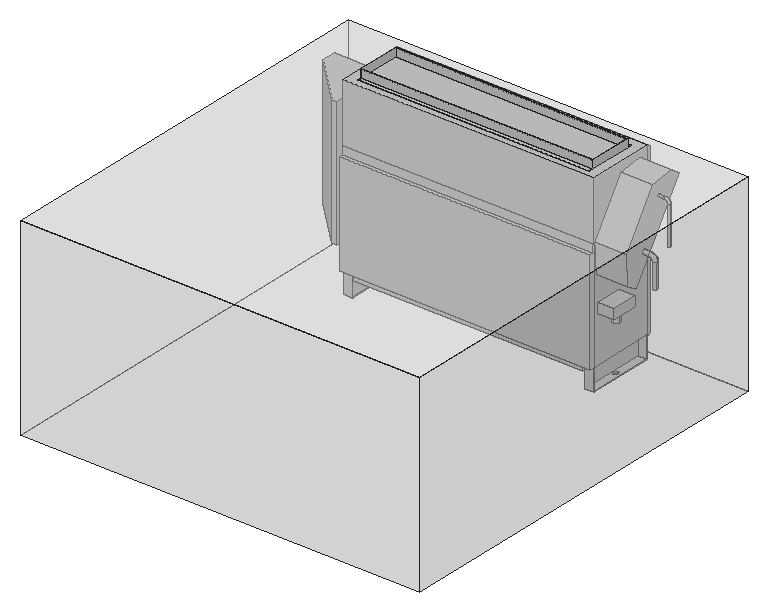
Revit family "outputfile", category 機械設備, Revit 2024
Family settings
  丸型コネクタ寸法 = 半径を使用
  パーツ タイプ = 標準
  OmniClass 番号 = 23.75.10.24.21.27.27
  OmniClass タイトル = Split System Air Conditioning Units
  作業面ベース = いいえ
  常に垂直 = はい
  ロード時にボイドで切り取り = いいえ
  注釈の向きを維持 = いいえ
  共有 = いいえ
  部屋計算ポイント = いいえ
Parameters (values of type "FXNQ32MAVE8")
  Description = ""
  製造元 = "Daikin"
  書き出し IFC クラス(タイプ) = "IfcUnitaryEquipmentType"
  定義済み IFC タイプ(タイプ) = "AIRCONDITIONINGUNIT"
  Cost = 0
  モデル = "FXNQ32MAVE8"
  Type Comments = ""
  Keynote = ""
  Type Image = (empty or 0)
  Assembly Code = ""
  w_hangerfixture = 0.0 mm
  w_dischargeflange = 704.0 mm
  w_body = 760.0 mm
  r_Liquid Pipe Size = Liquid Pipe Size / 2  # 3.2 mm
  r_Gas Pipe Size = Gas Pipe Size / 2  # 6.35 mm
  w_mounting foot = 830.0 mm
  r_Drain Pipe Size = Drain Pipe Size / 2  # 10.5 mm
  h_mountinghole = [h***] + 1.6 mm  # 1.6 mm
  lh_liquidpipe = 391.0 mm  # constant formula
  lh_gaspipe = 301.0 mm  # constant formula
  lh_drainpipe = 181.0 mm  # constant formula
  lh_antena = 583.4 mm  # constant formula
  ld_liquidpipe = 84.0 mm  # constant formula
  ld_gaspipe = 139.0 mm  # constant formula
  ld_drainpipe = 152.0 mm  # constant formula
  h*** = 0.0 mm  # constant formula
  w_front suction = 601.0 mm
  d_pipe_2 = 27.3 mm  # constant formula
  d_pipe_1 = 47.6 mm  # constant formula
  d_pipe = 71.2 mm  # constant formula
  d_body = 206.0 mm  # constant formula
  Width = 1070.4 mm
  Voltage_comment_50Hz = "220-240"
  Voltage_50Hz = 220 V
  Version = "ver.1.0"
  Unit Type = "Concealed Floor Standing Type"
  Unit Mass Weight = 23.00 kg
  Unit Designation [instance] = ""
  Uniclass2015Version = "Products v1.30"
  Uniclass2015Title = "Variable refrigerant flow units"
  Uniclass2015Code = "Pr_70_65_03_94"
  URL = ""
  Total Heating Capacity [instance] = 0.000 kW
  Total Cooling Capacity [instance] = 0.000 kW
  Sound Pressure Level_M speed (dBA) = 0
  Sound Pressure Level_L speed (dBA) = 33
  Sound Pressure Level_H speed (dBA) = 36
  Sound Power Level_H speed (dB) = 0
  Series = "VRV Fan Coil Unit"
  Sensible Cooling Capacity [instance] = 0.000 kW
  SA Duct Size Width = w_dischargeflange - 2.0 mm  # 702.0 mm
  SA Duct Size Height = 130.0 mm  # constant formula
  Refrigerant Type = "R410A"
  Power Input (Heating) = 0.090 kW
  Power Input (Cooling) = 0.090 kW
  Phase_50Hz = 1
  Option Accessory 3 [instance] = ""
  Option Accessory 2 [instance] = ""
  Option Accessory 1 [instance] = ""
  Nominal Heating Capacity = 4.000 kW
  Nominal Cooling Capacity = 3.600 kW
  Minimum External Static Pressure = 0.00 Pa
  Minimum Circuit Amps_50Hz = 0.6 A
  Minimum Airflow = 360.00 m³/h
  Median Airflow = 0.00 m³/h
  Maximum Fuse Amps_50Hz = 15.0 A
  Maximum External Static Pressure = 0.00 Pa
  Maximum Airflow = 480.00 m³/h
  Material_Casing = DAIKIN_GalvanizedSteel_Casing_indoorunit
  Load Classification = HVAC
  Liquid Pipe Size = 6.4 mm
  Link_Nested Family [instance] = ""
  IfcVersion = "0"
  IfcExportType = "AIRCONDITIONINGUNIT"
  IfcExportAs = "IfcUnitaryEquipmentType"
  Height = 609.0 mm
  Heating Entering Wet Bulb Temperature [instance] = 0.00 °C
  Heating Entering Dry Bulb Temperature [instance] = 0.00 °C
  Heating Ambient Wet Bulb Temperature [instance] = 0.00 °C
  Heating Ambient Dry Bulb Temperature [instance] = 0.00 °C
  Heat Exchanger Type = "Cross Fin Coil"
  Gas Pipe Size = 12.7 mm
  Frequency_50Hz = 50 Hz
  Fan Type = "Sirocco Fan"
  Fan Drive = "Direct Drive"
  FCU Tag No. [instance] = ""
  Drain Pipe Size = 21.0 mm
  Design Supply Airflow [instance] = 0.00 m³/h
  Design External Static Pressure [instance] = 0.00 Pa
  Depth = 225.0 mm
  既定の高さ = 0.0 mm
  Cooling Entering Wet Bulb Temperature [instance] = 0.00 °C
  Cooling Entering Dry Bulb Temperature [instance] = 0.00 °C
  Cooling Ambient Wet Bulb Temperature [instance] = 0.00 °C
  Cooling Ambient Dry Bulb Temperature [instance] = 0.00 °C
  Clearance visibility [instance] = yes
  Clearance Top = 0.0 mm
  Clearance Right = 150.0 mm
  Clearance Rear = 20.0 mm
  Clearance Left = 0.0 mm
  Clearance Front = 1000.0 mm
  Clearance Bottom = 0.0 mm
Reference planes
  plane 1: y = 0
  plane 2: z = 0
  plane 3 "Center (Left/Right)": x = 0
  plane 4 "Center (Front/Back)": y = -103
  plane 5: y = -206
  plane 6: x = -380
  plane 7: x = 380
  plane 8: z = 584
  plane 9: z = 68
  plane 10 "Top": z = 609
  plane 11: z = 584
  plane 12: z = 0
  plane 13: x = -550
  plane 14: x = 664
  plane 15: y = -1218
  plane 16: y = 27
  plane 17 "Bottom": z = 0
  plane 18: x = -347
  plane 19: x = 349
  plane 20: x = -399
  plane 21 "Left": x = -550
  plane 22: z = 129
  plane 23: z = 518
  plane 24: z = 564.5
  plane 25: y = -32
  plane 26: x = 478.8
  plane 27 "ld_drainpipe": y = -152
  plane 28: z = 181
  plane 29: z = 301
  plane 30: z = 391
  plane 31: x = 407
  plane 32: x = 365
  plane 33: x = -365
  plane 34 "ld_liquidpipe": y = -84
  plane 35 "ld_gaspipe": y = -139
  plane 36: x = 514
  plane 37: z = 518.4
  plane 38: z = 388.6
  plane 39: x = 366.7
  plane 40: x = -366.7
  plane 41: x = -474.5
  plane 42: y = -42
  plane 43: y = -25.8
  plane 44 "Back": y = 7
  plane 45: y = -207
  plane 46 "Front": y = -218
  plane 47 "Right": x = 520.4
Forms (mm)
  Extrusion 1, solid, material "DAIKIN_GalvanizedSteel_Casing_indoorunit" <- "Material_Casing"
    sketch origin (0, 0, 0) x (1, 0, 0) y (0, 1, 0)
      loop
        line (-380, 0) -> (-380, -206) -> (380, -206) -> (380, 0) -> (-380, 0)
    from 68 to 584
  Extrusion 2, solid, material "DAIKIN_GalvanizedSteel_Casing_indoorunit" <- "Material_Casing"
    sketch origin (380, -206, 0) x (-1, 0, 0) y (0, 0, -1)
      loop
        line (760, -404) -> (760, -380) -> (0, -380) -> (0, -404) -> (760, -404)
    from 0 to 1
  Extrusion 3, solid, material "DAIKIN_GalvanizedSteel_Casing_indoorunit" <- "Material_Casing"
    sketch origin (380, -206, 0) x (-1, 0, 0) y (0, 0, -1)
      loop
        line (760, -380) -> (760, -68) -> (0, -68) -> (0, -380) -> (760, -380)
    from 0 to 12
  Extrusion 4, solid, material "DAIKIN_GalvanizedSteel_Casing_indoorunit" <- "Material_Casing"
    sketch origin (0, 0, 68) x (0, 1, 0) y (1, 0, 0)
      loop
        line (0, -347) -> (0, 349) -> (-206, 349) -> (-206, -347) -> (0, -347)
    from 0 to 19.6
  Extrusion 5, solid, material "DAIKIN_GalvanizedSteel_Casing_indoorunit" <- "Material_Casing"
    sketch origin (-380, -206, 0) x (0, 1, 0) y (0, 0, -1)
      loop
        circle (103, -448.5) r 12.5
      loop
        circle (103, -243.5) r 12.5
    from 0 to 19
  Extrusion 6, solid, material "DAIKIN_GalvanizedSteel_Casing_indoorunit" <- "Material_Casing"
    sketch origin (0, 0, 68) x (-1, 0, 0) y (0, -1, 0)
      loop
        line (550, 25.8) -> (550, 71.25) -> (415.25, 206) -> (399, 206) -> (399, 25.8) -> (550, 25.8)
    from 61 to 450
  Extrusion 7, solid, material "DAIKIN_GalvanizedSteel_Casing_indoorunit" <- "Material_Casing"
    sketch origin (380, 0, 0) x (0, -1, 0) y (0, 0, -1)
      loop
        line (5.208, -545.14) -> (32, -564.5) -> (104, -554.5) -> (202.913, -407.529) -> (197.289, -319.3) -> (168.604, -299.952) -> (5.208, -545.14)
    from 0 to 98.8
  Extrusion 8, solid, material "DAIKIN_GalvanizedSteel_Casing_indoorunit" <- "Material_Casing"
    sketch origin (380, 0, 0) x (0, -1, 0) y (0, 0, -1)
      loop
        line (192.5, -240) -> (192.5, -210) -> (111.5, -210) -> (111.5, -240) -> (192.5, -240)
    from 0 to 50
  Extrusion 9, solid, material "DAIKIN_GalvanizedSteel_Casing_indoorunit" <- "Material_Casing"
    sketch origin (380, -111.5, 210) x (-1, 0, 0) y (0, 1, 0)
      loop
        circle (-27, -40.5) r 10.5
    from 0 to 29
  Sweep 10, solid, material "DAIKIN_GalvanizedSteel_Casing_indoorunit" <- "Material_Casing"
    path origin (0, -84, 0) x (0, 0, 1) y (1, 0, 0)
      loop
        line (518.4, 478.8) -> (518.4, 501)
        arc (518.4, 501) -> (514.592, 510.192) -> (505.4, 514) r 13
        line (505.4, 514) -> (391, 514)
    profile origin (489.9, -84, 518.4) x (0, 0, -1) y (0, 1, 0)
      loop
        circle (0, 0) r 3.2
  Sweep 11, solid, material "DAIKIN_GalvanizedSteel_Casing_indoorunit" <- "Material_Casing"
    path origin (0, -139, 0) x (0, 0, 1) y (1, 0, 0)
      loop
        line (388.6, 478.8) -> (388.6, 501)
        arc (388.6, 501) -> (384.792, 510.192) -> (375.6, 514) r 13
        line (375.6, 514) -> (301, 514)
    profile origin (489.9, -139, 388.6) x (0, 0, -1) y (0, 1, 0)
      loop
        circle (0, 0) r 6.35
  Extrusion 12, void
    sketch origin (4267.2, 7, -304.8) x (0, 0, 1) y (1, 0, 0)
      loop
        line (552.8, -4638.2) -> (552.8, -4626.2) -> (522.8, -4626.2) -> (522.8, -4638.2) -> (552.8, -4638.2)
      loop
        line (552.8, -3908.2) -> (552.8, -3896.2) -> (522.8, -3896.2) -> (522.8, -3908.2) -> (552.8, -3908.2)
    from 0 to -5
  Extrusion 13, void
    sketch origin (4267.2, 7, -304.8) x (0, 0, 1) y (1, 0, 0)
      loop
        line (744.8, -4638.2) -> (744.8, -4626.2) -> (714.8, -4626.2) -> (714.8, -4638.2) -> (744.8, -4638.2)
      loop
        line (744.8, -3908.2) -> (744.8, -3896.2) -> (714.8, -3896.2) -> (714.8, -3908.2) -> (744.8, -3908.2)
    from 0 to -5
  Extrusion 14, solid, material "DAIKIN_GalvanizedSteel_Casing_indoorunit" <- "Material_Casing"
    sketch origin (0, 0, 0) x (0, 1, 0) y (0, 0, 1)
      loop
        line (0, 584) -> (0, 62.5) -> (7, 70.007) -> (7, 576.493) -> (0, 584)
    from -380 to 380
Cuts and joins
  Extrusion 12, Extrusion 13 cuts Extrusion 1
  Extrusion 12 cuts Extrusion 3
  Extrusion 12, Extrusion 13 cuts Extrusion 14
Dimensions and locks
  "d_body": plane 1 to plane 5
  equal spacing: plane 5, plane 4 "Center (Front/Back)", plane 1
  "w_body": plane 6 to plane 7
  equal spacing: plane 6, plane 3 "Center (Left/Right)", plane 7
  "Clearance Top": plane 11 to plane 8
  locked: plane 10 "Top" to plane 8 at 25
  "h***": plane 17 "Bottom" to plane 2
  "Height": plane 10 "Top" to plane 17 "Bottom"
  locked: plane 8 to plane 9 at 516
  "Clearance Bottom": plane 17 "Bottom" to plane 12
  locked: Extrusion 2 sketch curve to Extrusion 2 sketch curve at 24
  locked: Extrusion 2 sketch curve to plane 9 at 312
  locked: plane 6 to plane 18 at 33
  locked: plane 19 to plane 7 at 31
  plane 18 to plane 19 = 696.0 mm
  locked: Extrusion 5 sketch curve to plane 9 at 175.5
  locked: Extrusion 5 sketch curve to Extrusion 5 sketch curve at 205
  locked: plane 6 to plane 20 at 19
  plane 23 to plane 22 to plane 17 "Bottom" = 389.0 mm locked, 129.0 mm locked
  locked: plane 21 "Left" to plane 6 at 170
  locked: plane 10 "Top" to plane 24 at 44.5
  locked: plane 5 to plane 25 at 174
  locked: plane 7 to plane 26 at 98.8
  locked: Extrusion 8 sketch curve to Extrusion 8 sketch curve at 30
  locked: Extrusion 8 sketch curve to Extrusion 8 sketch curve at 81
  locked: Extrusion 8 sketch curve to plane 17 "Bottom" at 240
  locked: plane 27 "ld_drainpipe" to Extrusion 8 sketch curve at 40.5
  "lh_drainpipe": plane 28 to plane 17 "Bottom"
  "lh_gaspipe": plane 29 to plane 17 "Bottom"
  "lh_liquidpipe": plane 30 to plane 17 "Bottom"
  locked: plane 33 to plane 6 at 15
  locked: plane 7 to plane 32 at 15
  locked: plane 31 to plane 32 at 42
  locked: plane 36 to plane 7 at 134
  locked: plane 10 "Top" to plane 37 at 90.6
  locked: plane 10 "Top" to plane 38 at 220.4
  locked: plane 6 to plane 40 at 13.3
  locked: plane 39 to plane 7 at 13.3
  equal spacing: plane 32, plane 3 "Center (Left/Right)", plane 33
  plane 32 to plane 33 = 730.0 mm
  locked: Extrusion 12 sketch curve to Extrusion 12 sketch curve at 30  (x2)
  locked: Extrusion 12 sketch curve to Extrusion 12 sketch curve at 12  (x2)
  locked: Extrusion 12 sketch curve to plane 33 at 6
  locked: Extrusion 12 sketch curve to plane 17 "Bottom" at 218  (x2)
  locked: plane 32 to Extrusion 12 sketch curve at 6
  locked: Extrusion 13 sketch curve to Extrusion 13 sketch curve at 12  (x2)
  locked: Extrusion 13 sketch curve to Extrusion 13 sketch curve at 30  (x2)
  locked: Extrusion 13 sketch curve to plane 33 at 6
  locked: plane 32 to Extrusion 13 sketch curve at 6
  locked: Extrusion 13 sketch curve to plane 17 "Bottom" at 410  (x2)
  locked: plane 21 "Left" to plane 41 at 75.5
  locked: plane 42 to plane 1 at 42
  locked: plane 43 to plane 5 at 180.2
  locked: Extrusion 6 sketch curve to plane 20 at 16.25
  locked: plane 43 to Extrusion 6 sketch curve at 45.45
  locked: plane 1 to plane 44 "Back" at 7
  "ld_liquidpipe": plane 34 "ld_liquidpipe" to plane 1
  "ld_gaspipe": plane 35 "ld_gaspipe" to plane 1
  "ld_drainpipe": plane 27 "ld_drainpipe" to plane 1
  locked: plane 5 to plane 45 at 1
  plane 5 to plane 46 "Front" = 12.0 mm
  locked: plane 9 to Extrusion 14 sketch curve at 5.5
  "Width": plane 21 "Left" to plane 47 "Right"
  "Depth": plane 46 "Front" to plane 44 "Back"
  "Clearance Left": plane 21 "Left" to plane 13
  "Clearance Right": plane 36 to plane 14
  "Clearance Rear": plane 44 "Back" to plane 16
  "Clearance Front": plane 46 "Front" to plane 15
  "Drain Pipe Size": diameter of Extrusion 9 sketch curve
  "Gas Pipe Size": diameter of Sweep 11 sketch curve
  locked: Extrusion 6 sketch curve to Extrusion 6 sketch curve (angle 45.00°)
  locked: Extrusion 14 sketch curve to cut or joined group of Extrusion 1, Extrusion 12, Extrusion 13 (angle 43.00°)
  locked: cut or joined group of Extrusion 1, Extrusion 12, Extrusion 13 to Extrusion 14 sketch curve (angle 43.00°)
  aligned and locked: level to plane 2
  aligned and locked: plane 1 to Extrusion 1 sketch curve
  aligned and locked: plane 6 to Extrusion 1 sketch curve
  aligned and locked: plane 5 to Extrusion 1 sketch curve
  aligned and locked: Extrusion 1 sketch curve to plane 7
  aligned and locked: plane 8 to Extrusion 1
  aligned and locked: Extrusion 1 to plane 9
  aligned and locked: nested 1 to plane 4 "Center (Front/Back)"
  aligned and locked: plane 4 "Center (Front/Back)" to nested 2
  aligned and locked: plane 8 to nested 3
  aligned and locked: nested 3 to plane 10 "Top"
  aligned and locked: plane 3 "Center (Left/Right)" to nested 3
  aligned and locked: nested 4 to plane 16
  aligned and locked: nested 4 to plane 15
  aligned and locked: plane 11 to nested 4
  aligned and locked: plane 12 to nested 4
  aligned and locked: plane 13 to nested 4
  aligned and locked: plane 14 to nested 4
  aligned and locked: nested 5 to plane 4 "Center (Front/Back)"
  aligned and locked: nested 6 to plane 4 "Center (Front/Back)"
  aligned and locked: nested 2 to plane 6
  aligned and locked: nested 1 to plane 7
  aligned and locked: plane 6 to Extrusion 2 sketch curve
  aligned and locked: Extrusion 2 sketch curve to plane 7
  aligned and locked: plane 6 to Extrusion 3 sketch curve
  aligned and locked: Extrusion 3 sketch curve to plane 7
  aligned and locked: Extrusion 3 sketch curve to Extrusion 2
  aligned and locked: plane 9 to Extrusion 3 sketch curve
  aligned and locked: plane 1 to Extrusion 4 sketch curve
  aligned and locked: plane 5 to Extrusion 4 sketch curve
  aligned and locked: plane 18 to Extrusion 4 sketch curve
  aligned and locked: Extrusion 4 sketch curve to plane 19
  aligned and locked: plane 4 "Center (Front/Back)" to Extrusion 5 sketch curve  (x2)
  aligned and locked: Extrusion 5 to plane 20
  aligned and locked: plane 21 "Left" to Extrusion 6 sketch curve
  aligned and locked: Extrusion 6 sketch curve to plane 20
  aligned and locked: plane 23 to Extrusion 6
  aligned and locked: Extrusion 6 to plane 22
  aligned and locked: plane 26 to Extrusion 7
  aligned and locked: plane 25 to Extrusion 7 sketch curve
  aligned and locked: plane 24 to Extrusion 7 sketch curve
  aligned and locked: plane 31 to Extrusion 9 sketch curve
  aligned and locked: plane 27 "ld_drainpipe" to Extrusion 9 sketch curve
  aligned and locked: Extrusion 9 to plane 28
  aligned and locked: plane 36 to Sweep 10 sketch curve
  aligned and locked: Sweep 10 sketch curve to plane 37
  aligned and locked: plane 30 to Sweep 10 sketch curve
  aligned and locked: plane 26 to Sweep 10 sketch curve
  aligned and locked: plane 29 to Sweep 11 sketch curve
  aligned and locked: plane 26 to Sweep 11 sketch curve
  aligned and locked: Sweep 11 sketch curve to plane 38
  aligned and locked: plane 36 to Sweep 11 sketch curve
  aligned and locked: nested 5 to plane 39
  aligned and locked: plane 40 to nested 6
  aligned and locked: nested 7 to plane 28
  aligned and locked: plane 9 to nested 1
  aligned and locked: nested 2 to plane 9
  aligned and locked: plane 31 to nested 7
  aligned and locked: nested 8 to plane 29
  aligned and locked: nested 8 to plane 36
  aligned and locked: nested 9 to plane 30
  aligned and locked: nested 9 to plane 36
  aligned and locked: nested 10 to plane 22
  aligned and locked: nested 10 to plane 41
  aligned and locked: plane 4 "Center (Front/Back)" to nested 10
  aligned and locked: nested 3 to plane 42
  aligned and locked: Extrusion 6 sketch curve to plane 43
  aligned and locked: Extrusion 6 sketch curve to plane 5
  aligned and locked: plane 11 to Extrusion 14 sketch curve
  aligned and locked: Extrusion 14 to plane 6
  aligned and locked: plane 7 to Extrusion 14
  aligned and locked: nested 9 to plane 34 "ld_liquidpipe"
  aligned and locked: nested 8 to plane 35 "ld_gaspipe"
  aligned and locked: nested 7 to plane 27 "ld_drainpipe"
  aligned and locked: Extrusion 2 to plane 45
  aligned and locked: cut or joined group of Extrusion 3, Extrusion 12 to plane 46 "Front"
  aligned and locked: Extrusion 14 sketch curve to plane 44 "Back"
Automatic sketch dimensions
  Extrusion 1 sketch curve to plane 5 = 0.0 mm
  Extrusion 1 to Extrusion 7 sketch curve = 5.208 mm
  Extrusion 1 to Extrusion 7 sketch curve = 29.5 mm
  Extrusion 7 sketch curve to Extrusion 7 sketch curve = 72.0 mm
  Extrusion 1 to Extrusion 7 sketch curve = 37.396 mm
  Extrusion 1 to Extrusion 7 sketch curve = 8.711 mm
  Extrusion 1 to Extrusion 7 sketch curve = 3.087 mm
  Extrusion 7 sketch curve to Extrusion 7 sketch curve = 19.36 mm
  Extrusion 1 to Extrusion 7 sketch curve = 176.471 mm
  Extrusion 7 sketch curve to Extrusion 7 sketch curve = 88.229 mm
  Extrusion 7 sketch curve to Extrusion 7 sketch curve = 19.348 mm
  Sweep 10 sketch curve to profile plane = 0.0 mm  (x2)
  Sweep 10 sketch curve to plane 23 = 12.6 mm
  Sweep 11 sketch curve to plane 38 = 13.0 mm
  Extrusion 14 sketch curve to plane 1 = 0.0 mm
  Sweep 11 sketch curve to plane 35 "ld_gaspipe" = 0.0 mm
  Sweep 11 sketch curve to profile plane = 0.0 mm
  radius of Extrusion 5 sketch curve = 12.5 mm  (x2)
  radius of Sweep 10 sketch curve = 3.2 mm
Nested families
  nested 1: "daikin_hangerfixture_FXNQ-MAVE8" at (380, -103, 68) x (0, -1, 0) z (0, 0, 1), type "daikin_hangerfixture_FXNQ-MAVE8"
  nested 2: "daikin_hangerfixture_FXNQ-MAVE8" at (-380, -103, 68) x (0, -1, 0) z (0, 0, 1), type "daikin_hangerfixture_FXNQ-MAVE8"
  nested 3: "daikin_ductflange_FXNQ-MAVE8" at (0, -186.5, 584) x (1, 0, 0) z (0, 1, 0), width <- "w_dischargeflange", material <- "Material_Casing", type "daikin_ductflange_FXNQ-MAVE8"
    with width 704.0 mm, material DAIKIN_GalvanizedSteel_Casing_indoorunit, height 157.0 mm, depth 25.0 mm
  nested 4: "daikin_clearancespace" at (57, -595.5, 292.119), visible <- "Clearance visibility", show <- "Clearance visibility", Link_Nested Family <- "Link_Nested Family", type "daikin_clearancespace"
    with width 1214.0 mm, show yes, height 584.0 mm, depth 1245.0 mm, Link_Nested Family ""
  nested 5: "daikin_mountinghole" at (366.7, -103, 0), Link_Nested Family <- "Link_Nested Family", h_mountinghole <- "h_mountinghole", l_antenna <- "lh_antena", type "daikin_mountinghole"
    with show yes, l_antenna 583.4 mm, h_mountinghole 1.6 mm, Link_Nested Family ""
  nested 6: "daikin_mountinghole" at (-366.7, -103, 0), Link_Nested Family <- "Link_Nested Family", h_mountinghole <- "h_mountinghole", l_antenna <- "lh_antena", type "daikin_mountinghole"
    with show yes, l_antenna 583.4 mm, h_mountinghole 1.6 mm, Link_Nested Family ""
  nested 7: "daikin_connector_rotate2" at (407, -152, 210) x (1, 0, 0) z (0, -1, 0), radius <- "r_Drain Pipe Size", type "daikin_connector_rotate2"
    with radius 10.5 mm, length 29.0 mm, angle_vertical 90.00°, show_face no
  nested 8: "daikin_connector_rotate2" at (514, -139, 381) x (1, 0, 0) z (0, -1, 0), radius <- "r_Gas Pipe Size", type "daikin_connector_rotate2"
    with radius 6.35 mm, length 80.0 mm, angle_vertical 90.00°, show_face no
  nested 9: "daikin_connector_rotate2" at (514, -84, 491) x (1, 0, 0) z (0, -1, 0), radius <- "r_Liquid Pipe Size", type "daikin_connector_rotate2"
    with radius 3.2 mm, length 100.0 mm, angle_vertical 90.00°, show_face no
  nested 10: "daikin_connector_rotate2" at (-474.5, -103, 229) x (1, 0, 0) z (0, -1, 0), type "daikin_connector_rotate2"
    with radius 10.0 mm, length 100.0 mm, angle_vertical 90.00°, show_face no
Connectors
  hvac at (0, -108, 609), driven by "SA Duct Size Height", driven by "SA Duct Size Width"
    settings: on nested 3, index 1, duct flow 0.00 m³/h, flow factor 0, pres drop 0.00 Pa, loss coef 0, conn angle 0.00°, conn width 702.0 mm, conn height 130.0 mm, conn diameter 609.6 mm, duct sys type 1, conn prof type 1, flow config 0, flow direction 2, loss method 4, conn ref index -1, conn util no, is conn primary yes, conn desc "SA Duct"
  electrical at (-474.5, -103, 129), driven by "Load Classification"
    settings: on nested 10, index 5, voltage 0 V, apparent load 0 VA, apparent load phase1 0 VA, apparent load phase2 0 VA, apparent load phase3 0 VA, power factor 1, load classification "HVAC", number of poles 1, system type 30, power factor state 1, is connector primary yes, connector utility no, sub classification motor no, connector description "Power Supply"
  piping at (514, -84, 391), diameter 6.4, driven by "r_Liquid Pipe Size"
    settings: on Sweep 10, index 6, connector inside diameter 609.6 mm, connector length 0.0 mm, flow factor 0, pipe flow 0.00 m³/h, pressure drop 0.0 Pa, fitting loss kfactor 0, connector angle 0.00°, fixture units 0, engagement length 0.0 mm, angle of deflection 0.00°, flow configuration 1, flow direction 1, fitting loss method 0, system type 29, joint type 0, gender type 0, connector reference index -1, connector utility 0, adjustable connector no, is connector primary yes, connector description "Refrigerant Liquid Piping"
  piping at (514, -139, 301), diameter 12.7, driven by "r_Gas Pipe Size"
    settings: on Sweep 11, index 7, connector inside diameter 609.6 mm, connector length 0.0 mm, flow factor 0, pipe flow 0.00 m³/h, pressure drop 0.0 Pa, fitting loss kfactor 0, connector angle 0.00°, fixture units 0, engagement length 0.0 mm, angle of deflection 0.00°, flow configuration 1, flow direction 2, fitting loss method 0, system type 29, joint type 0, gender type 0, connector reference index -1, connector utility 0, adjustable connector no, is connector primary no, connector description "Refrigerant Gas Piping"
  piping at (407, -152, 181), diameter 21, driven by "r_Drain Pipe Size"
    settings: on Extrusion 9, index 8, connector inside diameter 609.6 mm, connector length 0.0 mm, flow factor 0, pipe flow 0.00 m³/h, pressure drop 0.0 Pa, fitting loss kfactor 0, connector angle 0.00°, fixture units 0, engagement length 0.0 mm, angle of deflection 0.00°, flow configuration 1, flow direction 2, fitting loss method 4, system type 16, joint type 0, gender type 0, connector reference index -1, connector utility 0, adjustable connector no, is connector primary no, connector description "Condensate Drain Piping"
Definition of nested family "daikin_hangerfixture_FXNQ-MAVE8"
  Parameters (values of type "daikin_hangerfixture_FXNQ-A2VEB")
    width = 202.0 mm
    material = none
    height = 68.0 mm
    depth = 28.2 mm
    Default Elevation = 0.0 mm
  Reference planes
    plane 1 "Center (Front/Back)": y = 0
    plane 2: z = 0
    plane 3 "Center (Left/Right)": x = 0
    plane 4: y = -28.2
    plane 5: x = -101
    plane 6: x = 101
    plane 7: z = -68
    plane 8: x = 99.4
    plane 9: x = -99.4
  Forms (mm)
    Extrusion 1, solid, material <- "material"
      sketch origin (0, 0, 0) x (0, 1, 0) y (0, 0, 1)
        loop
          line (-26.6, 0) -> (-28.2, 0) -> (-28.2, -66.4)
          arc (-28.2, -66.4) -> (-27.731, -67.531) -> (-26.6, -68) r 1.6
          line (-26.6, -68) -> (0, -68) -> (0, -66.4) -> (-26.6, -66.4) -> (-26.6, 0)
      from -101 to 101
    Extrusion 2, solid, material <- "material"
      sketch origin (0, 0, 0) x (0, 1, 0) y (0, 0, 1)
        loop
          line (-26.6, -66.4) -> (0, -66.4) -> (0, 0) -> (-26.6, 0) -> (-26.6, -66.4)
      from 99.4 to 101
    Extrusion 3, solid, material <- "material"
      sketch origin (-265, -1.4, 0) x (0, 1, 0) y (0, 0, 1)
        loop
          line (-25.2, -66.4) -> (1.4, -66.4) -> (1.4, 0) -> (-25.2, 0) -> (-25.2, -66.4)
      from 164 to 165.6
    Extrusion 4, void
      sketch origin (0, 0, -66.4) x (1, 0, 0) y (0, -1, 0)
        loop
          circle (0, 13.3) r 7.5
      from -24.55 to 101.68
  Cuts and joins
    Extrusion 4 cuts Extrusion 1
    Extrusion 4 cuts Extrusion 2
    Extrusion 4 cuts Extrusion 3
    joined: Extrusion 1, Extrusion 2, Extrusion 3
  Dimensions and locks
    "width": plane 5 to plane 6
    "depth": plane 4 to plane 1 "Center (Front/Back)"
    equal spacing: plane 5, plane 3 "Center (Left/Right)", plane 6
    "height": level to plane 7
    locked: plane 8 to plane 6 at 1.6
    locked: plane 5 to plane 9 at 1.6
    plane 4 to Extrusion 1 sketch curve = 1.6 mm
    locked: Extrusion 4 sketch curve to plane 1 "Center (Front/Back)" at 13.3
    diameter of Extrusion 4 sketch curve = 15.0 mm
    aligned and locked: level to plane 2
    aligned and locked: Extrusion 1 to plane 5
    aligned and locked: plane 6 to Extrusion 1
    aligned and locked: Extrusion 1 to plane 1 "Center (Front/Back)"
    aligned and locked: plane 6 to Extrusion 2
    aligned and locked: Extrusion 2 to plane 8
    aligned and locked: Extrusion 3 to plane 5
    aligned and locked: plane 9 to Extrusion 3
    aligned and locked: plane 1 "Center (Front/Back)" to Extrusion 3 sketch curve
    aligned and locked: plane 1 "Center (Front/Back)" to Extrusion 2 sketch curve
    aligned and locked: Extrusion 1 sketch curve to plane 4
    aligned and locked: Extrusion 3 sketch curve to Extrusion 1
    aligned and locked: Extrusion 3 sketch curve to plane 2
    aligned and locked: Extrusion 2 sketch curve to Extrusion 1
    aligned and locked: plane 2 to Extrusion 2 sketch curve
    aligned and locked: plane 3 "Center (Left/Right)" to Extrusion 4 sketch curve
  Automatic sketch dimensions
    Extrusion 1 sketch curve to level = 0.0 mm
    Extrusion 1 sketch curve to plane 7 = 0.0 mm
    Extrusion 1 sketch curve to plane 1 "Center (Front/Back)" = 0.0 mm
    Extrusion 1 sketch curve to Extrusion 1 sketch curve = 0.0 mm  (x2)
    plane 7 to Extrusion 3 sketch curve = 1.6 mm
    plane 7 to Extrusion 2 sketch curve = 1.6 mm
Definition of nested family "daikin_ductflange_FXNQ-MAVE8"
  Parameters (values of type "daikin_ductflange_FXNQ-MAVE8")
    width [instance] = 662.0 mm
    material [instance] = none
    height [instance] = 157.0 mm
    depth [instance] = 25.0 mm
    Default Elevation = 0.0 mm
  Reference planes
    plane 1 "Center (Front/Back)": y = 0
    plane 2: z = 0
    plane 3 "Center (Left/Right)": x = 0
    plane 4: y = -25
    plane 5: x = -331
    plane 6: x = 331
    plane 7 "Top": z = 157
    plane 8: y = -1
    plane 9: z = 143.5
    plane 10: z = 13.5
    plane 11 "Center (Elevation)": z = 78.5
    plane 12: x = -330
    plane 13: x = 330
  Forms (mm)
    Extrusion 1, solid, material <- "material"
      sketch origin (0, 0, 0) x (1, 0, 0) y (0, 0, 1)
        loop
          line (-331, 157) -> (-331, 0) -> (331, 0) -> (331, 157) -> (-331, 157)
        loop
          line (-330, 143.5) -> (-330, 13.5) -> (330, 13.5) -> (330, 143.5) -> (-330, 143.5)
      from 0 to 1
    Extrusion 2, solid, material <- "material"
      sketch origin (0, 0, 0) x (1, 0, 0) y (0, 1, 0)
        loop
          line (-331, -1) -> (-331, -25) -> (-330, -25) -> (-330, -1) -> (-331, -1)
        loop
          line (330, -1) -> (330, -25) -> (331, -25) -> (331, -1) -> (330, -1)
      from 13.5 to 143.5
    Extrusion 3, solid, material <- "material"
      sketch origin (0, 0, 0) x (0, 1, 0) y (0, 0, 1)
        loop
          line (-1, 143.5) -> (-1, 144.5) -> (-25, 144.5) -> (-25, 143.5) -> (-1, 143.5)
        loop
          line (-1, 13.5) -> (-25, 13.5) -> (-25, 12.5) -> (-1, 12.5) -> (-1, 13.5)
      from -331 to 331
  Cuts and joins
    joined: Extrusion 1, Extrusion 2, Extrusion 3
  Dimensions and locks
    "height": plane 7 "Top" to plane 2
    "width": plane 5 to plane 6
    equal spacing: plane 5, plane 3 "Center (Left/Right)", plane 6
    "depth": plane 1 "Center (Front/Back)" to plane 4
    locked: plane 8 to plane 1 "Center (Front/Back)" at 1
    equal spacing: plane 7 "Top", plane 11 "Center (Elevation)", plane 2
    locked: Extrusion 3 sketch curve to Extrusion 2 at 1  (x2)
    locked: plane 12 to plane 5 at 1
    locked: plane 6 to plane 13 at 1
    plane 9 to plane 11 "Center (Elevation)" to plane 10 = 65.0 mm locked, 65.0 mm locked
    aligned and locked: level to plane 2
    aligned and locked: Extrusion 1 sketch curve to plane 7 "Top"
    aligned and locked: plane 5 to Extrusion 1 sketch curve
    aligned and locked: Extrusion 1 sketch curve to plane 6
    aligned and locked: plane 2 to Extrusion 1 sketch curve
    aligned and locked: Extrusion 1 to plane 8
    aligned and locked: plane 9 to Extrusion 2
    aligned and locked: Extrusion 2 to plane 10
    aligned and locked: plane 8 to Extrusion 3 sketch curve
    aligned and locked: Extrusion 3 sketch curve to plane 9
    aligned and locked: Extrusion 3 sketch curve to plane 8
    aligned and locked: Extrusion 3 sketch curve to plane 10
    aligned and locked: Extrusion 3 to plane 5
    aligned and locked: plane 6 to Extrusion 3
    aligned and locked: plane 4 to Extrusion 3 sketch curve
    aligned and locked: Extrusion 3 sketch curve to plane 4
    aligned and locked: plane 5 to Extrusion 2 sketch curve
    aligned and locked: Extrusion 2 sketch curve to plane 12
    aligned and locked: Extrusion 2 sketch curve to plane 6
    aligned and locked: plane 13 to Extrusion 2 sketch curve
    aligned and locked: Extrusion 2 sketch curve to plane 8
    aligned and locked: plane 4 to Extrusion 2 sketch curve
    aligned and locked: plane 12 to Extrusion 1 sketch curve
    aligned and locked: Extrusion 1 sketch curve to plane 13
    aligned and locked: Extrusion 1 sketch curve to plane 9
    aligned and locked: plane 10 to Extrusion 1 sketch curve
  Automatic sketch dimensions
    Extrusion 2 sketch curve to plane 4 = 0.0 mm
    Extrusion 2 sketch curve to plane 8 = 0.0 mm
Definition of nested family "daikin_clearancespace"
  Parameters (values of type "daikin_clearancespace")
    width [instance] = 1823.963 mm
    show [instance] = yes
    material = none
    height [instance] = 1359.762 mm
    depth [instance] = 880.0 mm
    Default Elevation = 0.0 mm
    Link_Nested Family [instance] = ""
  Reference planes
    plane 1 "Center (Front/Back)": y = 0
    plane 2 "Center (Elevation)": z = -0.119
    plane 3 "Center (Left/Right)": x = 0
    plane 4: y = 440
    plane 5: y = -440
    plane 6 "Right": x = 911.982
    plane 7 "Left": x = -911.982
    plane 8 "Top": z = 679.762
    plane 9 "Bottom": z = -680
  Forms (mm)
    Extrusion 1, solid, material <- "material", visible <- "show"
      sketch origin (0, 0, 0) x (1, 0, 0) y (0, 1, 0)
        loop
          line (-911.982, 440) -> (-911.982, -440) -> (911.982, -440) -> (911.982, 440) -> (-911.982, 440)
      from -680 to 679.762
  Lines and regions (mm)
    symbolic lines, visible <- "show"
      curve 1: line (911.982, 440, 0) -> (-911.982, 440, 0)
      curve 2: line (-911.982, 440, 0) -> (-911.982, -440, 0)
      curve 3: line (-911.982, -440, 0) -> (911.982, -440, 0)
      curve 4: line (911.982, -440, 0) -> (911.982, 440, 0)
      curve 5: line (911.982, 0, 679.762) -> (-911.982, 0, 679.762)
      curve 6: line (911.982, 0, -680) -> (911.982, 0, 679.762)
      curve 7: line (-911.982, 0, -680) -> (911.982, 0, -680)
      curve 8: line (-911.982, 0, 679.762) -> (-911.982, 0, -680)
      curve 9: line (0, 440, 679.762) -> (0, -440, 679.762)
      curve 10: line (0, -440, 679.762) -> (0, -440, -680)
      curve 11: line (0, 440, -680) -> (0, 440, 679.762)
      curve 12: line (0, -440, -680) -> (0, 440, -680)
  Dimensions and locks
    "width": plane 7 "Left" to plane 6 "Right"
    "depth": plane 4 to plane 5
    "height": plane 8 "Top" to plane 9 "Bottom"
    equal spacing: plane 7 "Left", plane 3 "Center (Left/Right)", plane 6 "Right"
    equal spacing: plane 4, plane 1 "Center (Front/Back)", plane 5
    equal spacing: plane 8 "Top", plane 2 "Center (Elevation)", plane 9 "Bottom"
    aligned and locked: level to plane 2 "Center (Elevation)"
    aligned and locked: Extrusion 1 sketch curve to plane 4
    aligned and locked: plane 7 "Left" to Extrusion 1 sketch curve
    aligned and locked: Extrusion 1 sketch curve to plane 5
    aligned and locked: Extrusion 1 sketch curve to plane 6 "Right"
    aligned and locked: plane 8 "Top" to Extrusion 1
    aligned and locked: curve 1 to Extrusion 1
    aligned and locked: curve 2 to Extrusion 1
    aligned and locked: curve 3 to Extrusion 1
    aligned and locked: curve 4 to Extrusion 1
    aligned and locked: curve 5 to Extrusion 1
    aligned and locked: curve 6 to Extrusion 1
    aligned and locked: curve 7 to Extrusion 1
    aligned and locked: curve 8 to Extrusion 1
    aligned and locked: curve 9 to Extrusion 1
    aligned and locked: curve 10 to Extrusion 1
    aligned and locked: curve 11 to Extrusion 1
    aligned and locked: curve 12 to Extrusion 1
    aligned and locked: Extrusion 1 to plane 9 "Bottom"
Definition of nested family "daikin_mountinghole"
  Parameters (values of type "daikin_mountinghole")
    Default Elevation = 1219.2 mm
    Type Comments = "mountinghole"
    show [instance] = yes
    material = none
    l_centerline = 100.0 mm
    l_antenna [instance] = 100.0 mm
    h_mountinghole [instance] = 0.0 mm
    d_circle = 30.0 mm
    Link_Nested Family [instance] = ""
  Reference planes
    plane 1 "Center (Front/Back)": y = 0
    plane 2: z = 0
    plane 3 "Center (Left/Right)": x = 0
    plane 4: y = 50
    plane 5: x = -50
    plane 6: x = 50
    plane 7: y = -50
    plane 8 "h_mountinghole": z = 0
    plane 9: z = 100
  Lines and regions (mm)
    model lines, detail levels fine
      curve 1: circle (0, 0, 0) r 15 normal (0, 0, 1)
      curve 2: line (-50, 0, 0) -> (50, 0, 0)
      curve 3: line (0, 50, 0) -> (0, -50, 0)
    symbolic lines, detail levels fine
      curve 4: circle (0, 0, 0) r 15 normal (0, 0, 1)
      curve 5: line (-50, 0, 0) -> (50, 0, 0)
      curve 6: line (0, 50, 0) -> (0, -50, 0)
    model lines
      curve 7: line (0, 0, 100) -> (0, 0, 0)
  Dimensions and locks
    equal spacing: plane 4, plane 1 "Center (Front/Back)", plane 7
    "l_centerline": plane 4 to plane 7
    equal spacing: plane 5, plane 3 "Center (Left/Right)", plane 6
    "l_centerline": plane 5 to plane 6
    "l_antenna": plane 9 to plane 8 "h_mountinghole"
    "h_mountinghole": plane 8 "h_mountinghole" to plane 2
    "d_circle": diameter of curve 1
    "d_circle": diameter of curve 4
    aligned and locked: level to plane 2
    aligned and locked: plane 1 "Center (Front/Back)" to curve 1
    aligned and locked: plane 3 "Center (Left/Right)" to curve 1
    aligned and locked: plane 1 "Center (Front/Back)" to curve 2
    aligned and locked: curve 3 to plane 3 "Center (Left/Right)"
    aligned and locked: plane 6 to curve 2
    aligned and locked: plane 5 to curve 2
    aligned and locked: plane 4 to curve 3
    aligned and locked: plane 7 to curve 3
    aligned and locked: plane 1 "Center (Front/Back)" to curve 4
    aligned and locked: plane 3 "Center (Left/Right)" to curve 4
    aligned and locked: plane 6 to curve 5
    aligned and locked: plane 5 to curve 5
    aligned and locked: plane 1 "Center (Front/Back)" to curve 5
    aligned and locked: plane 4 to curve 6
    aligned and locked: plane 7 to curve 6
    aligned and locked: curve 6 to plane 3 "Center (Left/Right)"
    aligned and locked: curve 7 to plane 3 "Center (Left/Right)"
    aligned and locked: plane 9 to curve 7
    aligned and locked: plane 8 "h_mountinghole" to curve 7
Definition of nested family "daikin_connector_rotate2"
  Parameters (values of type "daikin_connector_rotate2")
    show_face = yes
    radius [instance] = 10.0 mm
    length [instance] = 600.0 mm
    d_surface = 10.0 mm
    angle_vertical [instance] = 90.00°
    Default Elevation = 0.0 mm
  Reference planes
    plane 1 "Center (Front/Back)": y = 0
    plane 2: z = 0
    plane 3 "Center (Left/Right)": x = 0
  Forms (mm)
    Extrusion 1, solid, visible <- "show_face"
      sketch origin (0, -600, 0) x (1, 0, 0) y (0, 0, 1)
        loop
          circle (0, 0) r 10
      from 0 to -10
  Lines and regions (mm)
    reference lines
      curve 1: line (0, 0, 0) -> (0, -600, 0)
    symbolic lines
      curve 2: circle (0, 0, 0) r 5 normal (0, 0, 1)
    model lines, visible <- "show_face"
      curve 3: line (0, 0, 0) -> (0, -600, 0)
  Dimensions and locks
    "length": curve 1 to curve 1
    "length": curve 3 to curve 3
    "d_surface": Extrusion 1 to Extrusion 1
    "radius": radius of Extrusion 1 sketch curve
    "angle_vertical": angle curve 1 to plane 1 "Center (Front/Back)"
    "angle_vertical": angle curve 3 to plane 1 "Center (Front/Back)"
    aligned and locked: level to plane 2
    aligned and locked: plane 1 "Center (Front/Back)" to curve 1
    aligned and locked: plane 2 to curve 1
    aligned and locked: plane 1 "Center (Front/Back)" to curve 2
    aligned and locked: plane 3 "Center (Left/Right)" to curve 2
    aligned and locked: plane 1 "Center (Front/Back)" to curve 3
    aligned and locked: plane 2 to curve 3
    aligned and locked: Extrusion 1 to Extrusion 1
  Automatic sketch dimensions
    Extrusion 1 sketch curve to level = 0.0 mm
    Extrusion 1 sketch curve to plane 3 "Center (Left/Right)" = 0.0 mm
    radius of curve 2 = 5.0 mm
